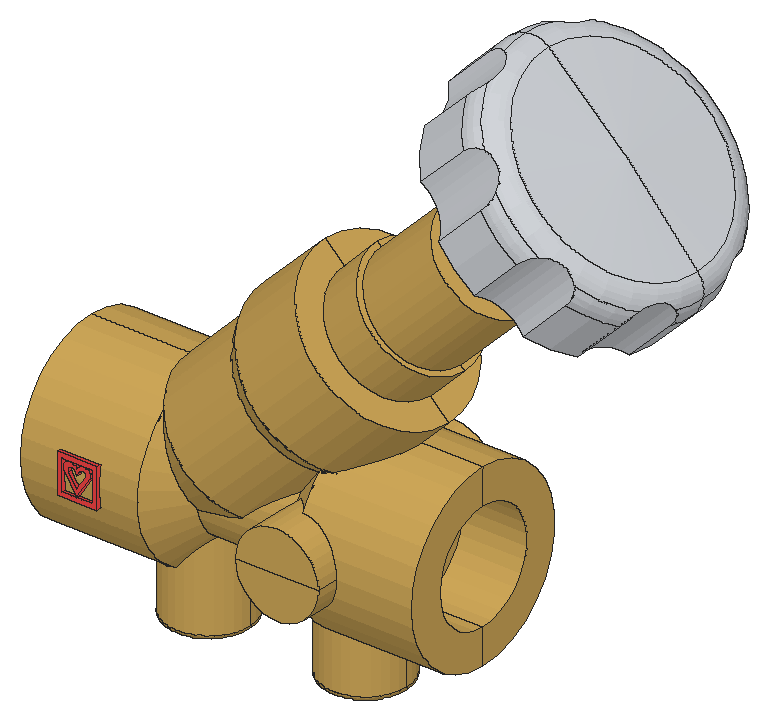
Revit family "HERZ Shut-off valve 4125 AD", category Rohrzubehör, Revit 2021
Family settings
  Bemaßung runder Anschluss = Durchmesser verwenden
  Teiletyp = Unterbricht
  OmniClass-Nummer = 23.65.55.14
  OmniClass-Titel = Valves for Liquid Services
  Arbeitsebenenbasiert = Nein
  Immer vertikal = Ja
  Beim Laden mit Abzugskörper schneiden = Nein
  Gemeinsam genutzt = Nein
Parameters
  W01 = 45.00°  # constant formula
  Vorgabe-Ansicht = 0.000 mm
  URL = "www.herzvalves.com"
  Spindle = "brass CW617N\r"  # constant formula
  SW01 = 60.00°  # constant formula
  SC_NennweiteBerechnet [instance] = 0
  SC_Dimension [instance] = ""
  SCRNSEQ = "ARM;ARM_TYP=\"ABSV\";2"
  SCRNCODE = "05;07;02"  # constant formula
  S03 = 60.000 mm  # constant formula
  S02 [instance] = L06 + L09 + L12 + L15  # 113.800 mm
  S01 [instance] = R01 * 2  # 41.000 mm
  R12 [instance] = R01 - 1.000 mm  # 19.500 mm
  R11 [instance] = size_lookup("4125AD_", "R11", 1.000 mm, Nennweite)  # 6.000 mm
  R100 = 1.000 mm  # constant formula
  R10 [instance] = size_lookup("4125AD_", "R10", 1.000 mm, Nennweite)  # 9.000 mm
  R09 [instance] = size_lookup("4125AD_", "R9", 1.000 mm, Nennweite)  # 12.750 mm
  R08 [instance] = size_lookup("4125AD_", "R8", 1.000 mm, Nennweite)  # 14.000 mm
  R07 [instance] = size_lookup("4125AD_", "R7", 1.000 mm, Nennweite)  # 20.000 mm
  R06 [instance] = size_lookup("4125AD_", "R6", 1.000 mm, Nennweite)  # 17.750 mm
  R05 [instance] = Nennweite / 2  # 12.500 mm
  R04 [instance] = size_lookup("4125AD_", "R4", 1.000 mm, Nennweite)  # 9.500 mm
  R03 = 9.500 mm  # constant formula
  R02 [instance] = Nennweite / 2  # 12.500 mm
  R01 [instance] = size_lookup("4125AD_", "R1", 1.000 mm, Nennweite)  # 20.500 mm
  Upper part = "DZR brass CW602N"  # constant formula
  Part number [instance] = size_lookup("4125AD_", "Artnr", 0, Nennweite)  # 1412573
  Nennweite [instance] = 25.000 mm
  Model = "STRÖMAX-D shut-off valve, inclined model, same as 4125 D,\r\nhowever with 2 bores for draining fittings, 1 screw plug 272 installed.\r\nDrain cocks must be ordered separately."
  Medium = "Heating water according ÖNORM H5195 or VDI- Standard 2035.\r\nThe use of ethylene- or propylene glycol in a mixing ratio 25- 50% is allowed."
  Max. differential pressure on closed seat = 1000000.0 Pa  # constant formula
  Max. operating temperature = 110 °C  # constant formula
  Max. operating pressure = 2000000.0 Pa  # constant formula
  L16 [instance] = L01 / 2  # 13.500 mm
  L15 [instance] = size_lookup("4125AD_", "L15", 1.000 mm, Nennweite)  # 12.400 mm
  L14 [instance] = size_lookup("4125AD_", "L14", 1.000 mm, Nennweite)  # 12.000 mm
  L12 [instance] = size_lookup("4125AD_", "L12", 1.000 mm, Nennweite)  # 43.400 mm
  L11 [instance] = size_lookup("4125AD_", "L11", 1.000 mm, Nennweite)  # 22.400 mm
  L10 [instance] = size_lookup("4125AD_", "L10", 1.000 mm, Nennweite)  # 11.000 mm
  L09 [instance] = size_lookup("4125AD_", "L9", 1.000 mm, Nennweite)  # 19.500 mm
  L08 [instance] = size_lookup("4125AD_", "L8", 1.000 mm, Nennweite)  # 34.000 mm
  L07 [instance] = size_lookup("4125AD_", "L7", 1.000 mm, Nennweite)  # 18.000 mm
  L06 [instance] = size_lookup("4125AD_", "L6", 1.000 mm, Nennweite) - L09  # 38.500 mm
  L05 [instance] = size_lookup("4125AD_", "L5", 1.000 mm, Nennweite)  # 25.500 mm
  L04 [instance] = size_lookup("4125AD_", "L4", 1.000 mm, Nennweite)  # 25.500 mm
  L03 = 15.000 mm  # constant formula
  L02 [instance] = size_lookup("4125AD_", "L2", 1.000 mm, Nennweite)  # 11.000 mm
  L01 [instance] = size_lookup("4125AD_", "L1", 1.000 mm, Nennweite)  # 27.000 mm
  L00 [instance] = size_lookup("4125AD_", "L", 1.000 mm, Nennweite)  # 90.000 mm
  Cone = "DZR brass CW602N"  # constant formula
  Hersteller = "HERZ Armaturen Ges.m.b.H."  # constant formula
  Hand wheel = "Polyamide"  # constant formula
  H01 [instance] = size_lookup("4125AD_", "H1", 1.000 mm, Nennweite)  # 32.000 mm
  Sealing = "EPDM"  # constant formula
  DN80 [instance] = Nennweite = 80.000 mm  # no
  DN65 [instance] = Nennweite = 65.000 mm  # no
  DN50 [instance] = Nennweite = 50.000 mm  # no
  DN40 [instance] = Nennweite = 40.000 mm  # no
  DN32 [instance] = Nennweite = 32.000 mm  # no
  DN25-DN80 [instance] = or(Nennweite = 25.000 mm, Nennweite = 32.000 mm, Nennweite = 40.000 mm, Nennweite = 50.000 mm, Nennweite = 65.000 mm, Nennweite = 80.000 mm)  # yes
  DN25 [instance] = Nennweite = 25.000 mm  # yes
  DN20 [instance] = Nennweite = 20.000 mm  # no
  DN15 [instance] = Nennweite = 15.000 mm  # no
  DN [instance] = 0.000 mm
  Body = "casted DZR brass CC752S"  # constant formula
  Application = "Reliable shutting of pipes in heating and cooling systems."
Reference planes
  plane 1 "Mitte (Vorne/hinten)": y = 0
  plane 2: z = 0
  plane 3 "Mitte (Links/rechts)": x = 0
Forms (mm)
  Revolve 1, solid, material "Messing, weicher Gelbton, geschweißt", detail levels fine
    sketch origin (470, 0, 0) x (1, 0, 0) y (0, 0, 1)
      loop
        line (-515, 12.5) -> (-500, 12.5) -> (-500, 0) -> (-440, 0) -> (-440, 12.5) -> (-425, 12.5) -> (-425, 20.5) -> (-452, 20.5) -> (-459, 12.5) -> (-481, 12.5) -> (-488, 20.5) -> (-515, 20.5) -> (-515, 12.5)
      axis (-515, 0) -> (-425, 0)
    angle from 0 to 360
  Revolve 2, solid, material "Messing, weicher Gelbton, geschweißt", detail levels fine
    sketch origin (470, 0, 0) x (1, 0, 0) y (0, 0, 1)
      loop
        line (-497.5, 0) -> (-497.5, -31)
        arc (-497.5, -31) -> (-497.207, -31.707) -> (-496.5, -32) r 1
        line (-496.5, -32) -> (-488, -32) -> (-488, 0) -> (-497.5, 0)
      axis (-488, 0) -> (-488, -32)
    angle from 0 to 360
  Revolve 3, solid, material "Messing, weicher Gelbton, geschweißt", detail levels fine
    sketch origin (0, 0, 0) x (1, 0, 0) y (0, 1, 0)
      loop
        line (18, -25.5) -> (27.5, -25.5) -> (27.5, 25.5) -> (18, 25.5) -> (18, -25.5)
      axis (18, -25.5) -> (18, 25.5)
    angle from 0 to 360
  Revolve 4, solid, material "Messing, weicher Gelbton, geschweißt", visible <- "DN25-DN80", detail levels fine
    sketch origin (-470, 0, 0) x (-1, 0, 0) y (0, 0, 1)
      loop
        line (-497.5, 0) -> (-497.5, -31)
        arc (-497.5, -31) -> (-497.207, -31.707) -> (-496.5, -32) r 1
        line (-496.5, -32) -> (-488, -32) -> (-488, 0) -> (-497.5, 0)
      axis (-488, 0) -> (-488, -32)
    angle from 0 to 360
  Revolve 5, solid, material "Messing, weicher Gelbton, geschweißt", detail levels fine
    sketch origin (0.32, 0, -0.105) x (1, 0, 0) y (0, 0, 1)
      loop
        line (-18.32, 0) -> (62.149, 80.469) -> (57.906, 84.711) -> (49.138, 75.943) -> (47.017, 78.065) -> (39.946, 70.994) -> (37.294, 73.645) -> (21.455, 57.806) -> (20.571, 58.69) -> (12.793, 50.912) -> (8.55, 55.154) -> (-5.239, 41.366) -> (-6.83, 36.593) -> (-22.386, 21.036) -> (-27.159, 8.839) -> (-18.32, 0)
      axis (-18.32, 0) -> (62.149, 80.469)
    angle from 0 to 360
Lines and regions (mm)
  model lines, detail levels coarse+medium
    curve 1: line (-45, 0, 20.5) -> (-45, 0, -20.5)
    curve 2: line (-45, 0, -20.5) -> (45, 0, 20.5)
    curve 3: line (45, 0, 20.5) -> (45, 0, -20.5)
    curve 4: line (45, 0, -20.5) -> (-45, 0, 20.5)
    curve 5: line (0, 0, 0) -> (56.9, 0, 98.554)
    curve 6: line (30.919, 0, 113.554) -> (82.881, 0, 83.554)
    curve 7: line (-45, -20.5, 0) -> (-45, 20.5, 0)
    curve 8: line (-45, 20.5, 0) -> (45, -20.5, 0)
    curve 9: line (45, -20.5, 0) -> (45, 20.5, 0)
    curve 10: line (45, 20.5, 0) -> (-45, -20.5, 0)
    curve 11: line (0, 0, 0) -> (56.9, 98.554, 0)
    curve 12: line (30.919, 113.554, 0) -> (82.881, 83.554, 0)
Dimensions and locks
  "H01": plane 2 to Revolve 2 sketch curve
  "L00": Revolve 1 sketch curve to Revolve 1 sketch curve
  equal spacing: Revolve 1 sketch curve, plane 3 "Mitte (Links/rechts)", Revolve 1 sketch curve
  "R01": Revolve 1 sketch curve to Revolve 1 sketch curve  (x2)
  "R02": Revolve 1 sketch curve to Revolve 1 sketch curve  (x3)
  "L01": Revolve 1 sketch curve to Revolve 1 sketch curve  (x2)
  "L02": plane 3 "Mitte (Links/rechts)" to Revolve 1 sketch curve
  "L02": Revolve 1 sketch curve to plane 3 "Mitte (Links/rechts)"
  "L03": Revolve 1 sketch curve to Revolve 1 sketch curve  (x2)
  "L01": Revolve 1 to Revolve 2 sketch curve
  "R03": Revolve 2 sketch curve to Revolve 2 sketch curve
  "L01": Revolve 4 sketch curve to Revolve 1
  "R03": Revolve 4 sketch curve to Revolve 4 sketch curve
  "H01": plane 2 to Revolve 4 sketch curve
  "L04": Revolve 3 sketch curve to plane 1 "Mitte (Vorne/hinten)"
  "L05": plane 1 "Mitte (Vorne/hinten)" to Revolve 3 sketch curve
  "R04": Revolve 3 sketch curve to Revolve 3 sketch curve
  "L01": Revolve 3 sketch curve to Revolve 1
  "R07": Revolve 5 sketch curve to Revolve 5 sketch curve
  "L07": plane 3 "Mitte (Links/rechts)" to Revolve 5 sketch curve
  "R05": Revolve 5 sketch curve to Revolve 5 sketch curve
  "L06": Revolve 5 sketch curve to Revolve 5 sketch curve
  "L08": Revolve 5 sketch curve to Revolve 5 sketch curve
  "R06": Revolve 5 sketch curve to Revolve 5 sketch curve
  "L14": Revolve 5 sketch curve to Revolve 5 sketch curve
  "L09": Revolve 5 sketch curve to Revolve 5 sketch curve
  "R08": Revolve 5 sketch curve to Revolve 5 sketch curve
  "L10": Revolve 5 sketch curve to Revolve 5 sketch curve
  "R09": Revolve 5 sketch curve to Revolve 5 sketch curve
  "R10": Revolve 5 sketch curve to Revolve 5 sketch curve
  "L12": Revolve 5 sketch curve to Revolve 5 sketch curve
  "R11": Revolve 5 sketch curve to Revolve 5 sketch curve
  "L15": Revolve 5 sketch curve to Revolve 5 sketch curve
  "L11": Revolve 5 sketch curve to Revolve 5 sketch curve
  "R12": nested 9 to plane 1 "Mitte (Vorne/hinten)"
  "L16": Revolve 1 to nested 9
  equal spacing: curve 1, plane 3 "Mitte (Links/rechts)", curve 3
  "L00": curve 1 to curve 3
  equal spacing: curve 4, plane 2, curve 2
  "S01": curve 4 to curve 1
  "S01": curve 3 to curve 4
  equal spacing: curve 3, plane 2, curve 4
  "S02": curve 5 to curve 5
  equal spacing: curve 6, curve 5, curve 6
  "S03": curve 6 to curve 6
  equal spacing: curve 7, plane 3 "Mitte (Links/rechts)", curve 9
  "L00": curve 7 to curve 9
  equal spacing: curve 10, plane 1 "Mitte (Vorne/hinten)", curve 8
  "S01": curve 8 to curve 10
  equal spacing: curve 9, plane 1 "Mitte (Vorne/hinten)", curve 10
  "S01": curve 10 to curve 9
  "S02": curve 11 to curve 11
  equal spacing: curve 12, curve 11, curve 12
  "S03": curve 12 to curve 12
  "R100": radius of Revolve 2 sketch curve
  "R100": radius of Revolve 4 sketch curve
  "W01": angle plane 2 to Revolve 5 sketch curve
  "W01": angle level to Revolve 5 sketch curve
  "SW01": angle plane 2 to curve 5
  "SW01": angle plane 1 "Mitte (Vorne/hinten)" to curve 11
  aligned and locked: level to plane 2
Automatic sketch dimensions
  curve 5 to level = 0.000 mm
  plane 1 "Mitte (Vorne/hinten)" to curve 11 = 0.000 mm
  Revolve 1 sketch curve to level = 0.000 mm  (x2)
  Revolve 1 sketch curve to Revolve 1 sketch curve = 791.990 mm
  Revolve 1 sketch curve to Revolve 1 sketch curve = 2278.983 mm
  Revolve 2 sketch curve to level = 0.000 mm  (x2)
  Revolve 2 sketch curve to Revolve 2 sketch curve = 0.000 mm
  Revolve 2 sketch curve to Revolve 2 sketch curve = 0.292 mm
  Revolve 3 sketch curve to Revolve 3 sketch curve = 0.000 mm  (x3)
  Revolve 4 sketch curve to level = 0.000 mm  (x2)
  Revolve 4 sketch curve to Revolve 4 sketch curve = 0.000 mm
  Revolve 4 sketch curve to Revolve 4 sketch curve = 0.292 mm
  Revolve 5 sketch curve to level = 0.105 mm
  Revolve 5 sketch curve to Revolve 5 sketch curve = 0.000 mm  (x2)
Nested families
  nested 1: "Strömax-Handrad_Schrägsitz" at (42.584, 0, 54.979), visible <- "DN15", type "Strömax-Handrad_Schrägsitz", detail levels fine
    with Nennweite 0.000 mm, Gewicht 0.00 kg, Bestellnummer 0
  nested 2: "Strömax-Handrad_Schrägsitz" at (54.312, 0, 67.707), visible <- "DN20", type "Strömax-Handrad_Schrägsitz", detail levels fine
    with Nennweite 0.000 mm, Gewicht 0.00 kg, Bestellnummer 0
  nested 3: "Strömax-Handrad_Schrägsitz" at (62.469, 0, 80.364), visible <- "DN25", type "Strömax-Handrad_Schrägsitz", detail levels fine
    with Nennweite 0.000 mm, Gewicht 0.00 kg, Bestellnummer 0
  nested 4: "Strömax-Handrad_Schrägsitz" at (71.712, 0, 91.607), visible <- "DN32", type "Strömax-Handrad_Schrägsitz", detail levels fine
    with Nennweite 0.000 mm, Gewicht 0.00 kg, Bestellnummer 0
  nested 5: "Strömax-Handrad_Schrägsitz" at (80.399, 0, 101.294), visible <- "DN40", type "Strömax-Handrad_Schrägsitz", detail levels fine
    with Nennweite 0.000 mm, Gewicht 0.00 kg, Bestellnummer 0
  nested 6: "Strömax-Handrad_Schrägsitz" at (97.83, 0, 129.225), visible <- "DN50", type "Strömax-Handrad_Schrägsitz", detail levels fine
    with Nennweite 0.000 mm, Gewicht 0.00 kg, Bestellnummer 0
  nested 7: "Strömax-Handrad_Schrägsitz" at (114.482, 0, 149.378), visible <- "DN65", type "Strömax-Handrad_Schrägsitz", detail levels fine
    with Nennweite 0.000 mm, Gewicht 0.00 kg, Bestellnummer 0
  nested 8: "Strömax-Handrad_Schrägsitz" at (140.423, 0, 183.319), visible <- "DN80", type "Strömax-Handrad_Schrägsitz", detail levels fine
    with Nennweite 0.000 mm, Gewicht 0.00 kg, Bestellnummer 0
  nested 9: "Herz-Logo-vorne" at (-31.5, -20.232, 0) x (0, 1, 0) z (0, 0, 1), type "Herz-Logo-vorne", detail levels fine
Connectors
  piping at (-30, 0, 0), diameter 25, driven by "Nennweite"
    settings: on Revolve 1, index 1, connector inside diameter 609.6 mm, connector length 0.000 mm, flow factor 0, pipe flow 0.0 L/s, pressure drop 0.0 Pa, fitting loss kfactor 0, connector angle 0.00°, fixture units 0, engagement length 0.000 mm, angle of deflection 0.00°, flow configuration 0, flow direction 1, fitting loss method 0, system type 29, joint type 0, gender type 0, connector reference index -1, connector utility 0, adjustable connector no, is connector primary yes, connector description ""
  piping at (30, 0, 0), diameter 25, driven by "Nennweite"
    settings: on Revolve 1, index 2, connector inside diameter 609.6 mm, connector length 0.000 mm, flow factor 0, pipe flow 0.0 L/s, pressure drop 0.0 Pa, fitting loss kfactor 0, connector angle 0.00°, fixture units 0, engagement length 0.000 mm, angle of deflection 0.00°, flow configuration 0, flow direction 2, fitting loss method 0, system type 29, joint type 0, gender type 0, connector reference index -1, connector utility 0, adjustable connector no, is connector primary no, connector description ""
Definition of nested family "Strömax-Handrad_Schrägsitz"
  Parameters (values of type "Strömax-Handrad_Schrägsitz")
    Default Elevation = 0.000 mm
    URL = "www.herz-armaturen.at"
    Nennweite [instance] = 0.000 mm
    Manufacturer = "Herz Armaturen GmbH"  # constant formula
    Gewicht [instance] = 0.00 kg
    Bestellnummer [instance] = 0
  Reference planes
    plane 1 "Mitte (Vorne/hinten)": y = 0
    plane 2: z = 0
    plane 3 "Mitte (Links/rechts)": x = 0
  Forms (mm)
    Revolve 1, solid
      sketch origin (0, 0, 0) x (0.707107, 0, -0.707107) y (0.707107, 0, 0.707107)
        loop
          line (0, 0) -> (0, 22)
          arc (0, 22) -> (-12.15, 21.705) -> (-24.271, 20.819) r 250
          arc (-24.271, 20.819) -> (-26.831, 19.959) -> (-28.754, 18.063) r 6
          arc (-28.754, 18.063) -> (-29.682, 16.008) -> (-30, 13.776) r 8
          line (-30, 13.776) -> (-30, 0) -> (0, 0)
        axis (0, 22) -> (0, 0)
      angle from 0 to 360
    Extrusion 2, void
      sketch origin (0, 0, 0) x (0.707107, 0, -0.707107) y (0, 1, 0)
        loop
          circle (14.351, -34.645) r 10
      from 0 to 22
    Extrusion 3, void
      sketch origin (0, 0, 0) x (-0.707107, 0, 0.707107) y (0, -1, 0)
        loop
          circle (14.351, 34.645) r 10
      from 0 to 22
    Extrusion 4, void
      sketch origin (0, 0, 0) x (0, -1, 0) y (0.707107, 0, -0.707107)
        loop
          circle (14.351, 34.645) r 10
      from 0 to 22
    Extrusion 5, void
      sketch origin (0, 0, 0) x (0, 1, 0) y (-0.707107, 0, 0.707107)
        loop
          circle (14.351, -34.645) r 10
      from 0 to 22
    Extrusion 6, void
      sketch origin (0, 0, 0) x (0, -1, 0) y (0.707107, 0, -0.707107)
        loop
          circle (14.351, -34.645) r 10
      from 0 to 22
    Extrusion 7, void
      sketch origin (0, 0, 0) x (0, 1, 0) y (-0.707107, 0, 0.707107)
        loop
          circle (14.351, 34.645) r 10
      from 0 to 22
    Extrusion 8, void
      sketch origin (0, 0, 0) x (0.707107, 0, -0.707107) y (0, 1, 0)
        loop
          circle (14.351, 34.645) r 10
      from 0 to 22
    Extrusion 9, void
      sketch origin (0, 0, 0) x (-0.707107, 0, 0.707107) y (0, -1, 0)
        loop
          circle (14.351, -34.645) r 10
      from 0 to 22
  Cuts and joins
    Extrusion 2, Extrusion 3, Extrusion 4, Extrusion 5, Extrusion 6, Extrusion 7, Extrusion 8, Extrusion 9 cuts Revolve 1
  Dimensions and locks
    aligned and locked: level to plane 2
Definition of nested family "Herz-Logo-vorne"
  Parameters (values of type "Herz-Logo-vorne")
    Default Elevation = 0.000 mm
  Reference planes
    plane 1 "Mitte (Vorne/hinten)": y = 0
    plane 2: z = 0
    plane 3 "Mitte (Links/rechts)": x = 0
  Forms (mm)
    Extrusion 1, solid
      sketch origin (0.732, -0.018, 0.017) x (0, -1, 0) y (0, 0, 1)
        loop
          line (-0.018, -4.517) -> (4.482, -4.517) -> (4.482, 4.483) -> (-4.518, 4.483) -> (-4.518, -4.517) -> (-0.018, -4.517)
        loop
          line (-0.05, -3.48) -> (3.482, -3.48) -> (3.482, 3.483) -> (-3.518, 3.483) -> (-3.518, -3.48) -> (-0.05, -3.48)
        loop
          arc (-0.018, 2.383) -> (-1.543, 3.287) -> (-3.067, 2.383) r 1.738
          arc (-3.067, 2.383) -> (-3.191, 1.899) -> (-3.067, 1.415) r 1.009
          line (-3.067, 1.415) -> (-0.018, -3.281) -> (3.032, 1.415)
          arc (3.032, 1.415) -> (3.156, 1.899) -> (3.032, 2.383) r 1.009
          arc (3.032, 2.383) -> (1.507, 3.287) -> (-0.018, 2.383) r 1.738
        loop
          arc (1.885, 1.272) -> (2.005, 1.675) -> (1.885, 2.079) r 0.74
          arc (1.885, 2.079) -> (1.265, 2.416) -> (0.644, 2.079) r 0.74
          line (0.644, 2.079) -> (-0.018, 0.97) -> (-0.679, 2.079)
          arc (-0.679, 2.079) -> (-1.3, 2.416) -> (-1.921, 2.079) r 0.74
          arc (-1.921, 2.079) -> (-2.04, 1.675) -> (-1.921, 1.272) r 0.74
          line (-1.921, 1.272) -> (-0.018, -1.658) -> (1.885, 1.272)
      from 0 to 1.5
  Dimensions and locks
    aligned and locked: level to plane 2
